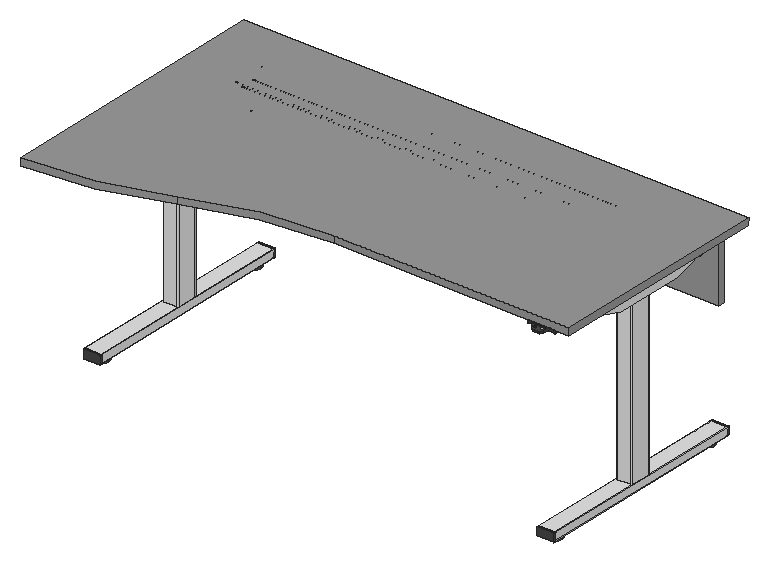
Revit family "Wave Desk - LH", category Furniture, Revit 2016
Family settings
  OmniClass Number = 23.40.20.00
  OmniClass Title = General Furniture and Specialties
  Work Plane-Based = No
  Always vertical = Yes
  Cut with Voids When Loaded = No
  Shared = No
  Room Calculation Point = No
Parameters (values of type "1800 x 800 x 1000 with Modesty Panel & Cable Tray")
  Width = 1800 mm
  URL = "www.gof.co.uk"
  Type Comments = ""
  Range = "RISE LT"
  Product Code = "HDLWL18"
  Modesty Panel Visible = yes
  Modesty Panel = "BTCPW18"
  HeightControl [instance] = if(Height < 720 mm, 720 mm, (if(Height > 1200 mm, 1200 mm, Height)))  # 727 mm
  Height [instance] = 727 mm
  Desktop = Gresham - Midnight Ash
  Model = ""
  Manufacturer = "Gresham Office Furniture"  # constant formula
  Frame = Gresham - Silver Metal
  Foot = Gresham - Black Plastic
  Cable Tray Visible = yes
  Cable Tray = "MECT18"
  Assembly Code = "E2020200"
Reference planes
  plane 1 "Center (Front/Back)": y = 0
  plane 2: z = 0
  plane 3 "Center (Left/Right)": x = 0
  plane 4: x = -900
  plane 5: x = 900
  plane 6 "Desktop Underside": z = 702
  plane 7: y = 400
  plane 8: y = -600
  plane 9 "Foot": z = 15
  plane 10: z = 727
  plane 11: x = 595.86
  plane 12: x = -595.86
  plane 13 "Control": x = 850
  plane 14: y = -400
  plane 15: x = -420
  plane 16: x = 60
Forms (mm)
  Extrusion 1, solid, material "Gresham - Midnight Ash" <- "Desktop"
    sketch origin (0, 0, 702) x (-1, 0, 0) y (0, -1, 0)
      loop
        line (-900, 400) -> (-900, -400) -> (900, -400) -> (900, 600)
        arc (900, 600) -> (654.838, 574.777) -> (420, 500) r 1200
        arc (420, 500) -> (185.162, 425.223) -> (-60, 400) r 1200
        line (-60, 400) -> (-900, 400)
    from 0 to 25
  Extrusion 2, solid
    sketch origin (4.14, -302, 0) x (0, 1, 0) y (0, 0, 1)
      loop
        arc (344.5, 657) -> (346.621, 657.879) -> (347.5, 660) r 3
        line (347.5, 660) -> (347.5, 699)
        arc (347.5, 699) -> (346.621, 701.121) -> (344.5, 702) r 3
        line (344.5, 702) -> (307, 702) -> (307, 700) -> (344.5, 700)
        arc (344.5, 700) -> (345.207, 699.707) -> (345.5, 699) r 1
        line (345.5, 699) -> (345.5, 660)
        arc (345.5, 660) -> (345.207, 659.293) -> (344.5, 659) r 1
        line (344.5, 659) -> (310, 659)
        arc (310, 659) -> (309.293, 659.293) -> (309, 660) r 1
        line (309, 660) -> (309, 667) -> (307, 667) -> (307, 660)
        arc (307, 660) -> (307.879, 657.879) -> (310, 657) r 3
        line (310, 657) -> (344.5, 657)
    from -600 to 591.72
Dimensions and locks
  equal spacing: plane 4, plane 3 "Center (Left/Right)", plane 5
  "Width": plane 4 to plane 5
  locked: plane 7 to plane 8 at 1000
  locked: plane 2 to plane 9 "Foot" at 15
  "HeightControl": plane 10 to level
  plane 10 to plane 6 "Desktop Underside" = 25 mm
  locked: nested 1 to plane 5 at 60
  locked: plane 7 to nested 1 at 12
  locked: nested 2 to plane 4 at 60
  locked: Extrusion 2 sketch curve to Extrusion 2 sketch curve at 41
  locked: plane 7 to nested 2 at 12
  locked: plane 11 to plane 5 at 304.14
  locked: plane 4 to plane 12 at 304.14
  locked: plane 13 "Control" to plane 5 at 50
  locked: plane 7 to plane 14 at 800
  equal spacing: plane 7, plane 1 "Center (Front/Back)", plane 14
  locked: plane 4 to plane 15 at 480
  locked: plane 15 to plane 16 at 480
  locked: plane 4 to nested 4 at 87
  locked: plane 4 to nested 5 at 100
  locked: plane 7 to nested 5 at 53.5
  locked: plane 6 "Desktop Underside" to nested 5 at 61.5
  radius of Extrusion 1 sketch curve = 1200 mm  (x2)
  aligned and locked: level to plane 2
  aligned and locked: plane 10 to Extrusion 1
  aligned and locked: plane 11 to Extrusion 2
  aligned and locked: plane 12 to Extrusion 2
  aligned and locked: nested 3 to plane 13 "Control"
  aligned and locked: plane 6 "Desktop Underside" to nested 3
  aligned and locked: nested 3 to plane 14
  aligned and locked: plane 8 to Extrusion 1 sketch curve
  aligned and locked: plane 15 to Extrusion 1 sketch curve  (x2)
  aligned and locked: plane 16 to Extrusion 1 sketch curve
  aligned and locked: plane 6 "Desktop Underside" to nested 4
Automatic sketch dimensions
  Extrusion 2 sketch curve to Extrusion 2 sketch curve = 0 mm  (x7)
  Extrusion 2 sketch curve to plane 6 "Desktop Underside" = 0 mm
  Extrusion 2 sketch curve to plane 1 "Center (Front/Back)" = 5 mm
  Extrusion 2 sketch curve to plane 6 "Desktop Underside" = 2 mm
  Extrusion 2 sketch curve to Extrusion 2 sketch curve = 1 mm  (x2)
  Extrusion 2 sketch curve to Extrusion 2 sketch curve = 37.5 mm
  Extrusion 2 sketch curve to Extrusion 2 sketch curve = 34.5 mm
  Extrusion 2 sketch curve to Extrusion 2 sketch curve = 7 mm
  Extrusion 1 sketch curve to plane 5 = 0 mm
  Extrusion 1 sketch curve to plane 14 = 0 mm
  Extrusion 1 sketch curve to plane 4 = 0 mm
  Extrusion 1 sketch curve to plane 7 = 0 mm
Nested families
  nested 1: "Rise LT Leg" at (5, -202, 0), Height <- "HeightControl", type "Rise LT Leg"
    with HeightControl 727 mm, Height 727 mm
  nested 2: "Rise LT Leg" at (-5, -202, 0) x (-1, 0, 0) z (0, 0, 1), Height <- "HeightControl", type "Rise LT Leg"
    with HeightControl 727 mm, Height 727 mm
  nested 3: "Controls" at (800, -367.5, 690), type "Controls"
  nested 4: "Modesty Panel" at (0, 0, 0), type "Modesty Panel"
    with HeightControl 727 mm, Height 727 mm
  nested 5: "Cable Tray" at (0, 0, 0), Height <- "Height", type "Cable Tray"
    with HeightControl 727 mm, Height 727 mm
Definition of nested family "Rise LT Leg"
  Parameters (values of type "Rise LT Leg")
    Width = 1800 mm
    URL = "www.gof.co.uk"
    Type Comments = ""
    Range = "RISE LT"
    Product Code = ""
    Model = ""
    Manufacturer = "Gresham Office Furniture"  # constant formula
    HeightControl [instance] = if(Height < 720 mm, 720 mm, (if(Height > 1200 mm, 1200 mm, Height)))  # 727 mm
    Height [instance] = 727 mm
    Frame = none
    Foot = none
    Bung = none
    Assembly Code = "E2020200"
  Reference planes
    plane 1 "Center (Front/Back)": y = 200
    plane 2: z = 0
    plane 3 "Center (Left/Right)": x = 0
    plane 4: x = -900
    plane 5: x = 900
    plane 6 "Desktop": z = 727
    plane 7: y = 600
    plane 8: y = -200
    plane 9 "Foot": z = 15
    plane 10 "Desktop Underside": z = 702
    plane 11 "Max Height": z = 1200
    plane 12 "Max Desktop Underside": z = 1175
  Forms (mm)
    Extrusion 1, solid, material <- "Frame"
      sketch origin (0, 0, 727) x (-1, 0, 0) y (0, -1, 0)
        loop
          line (-827.511, -240) -> (-782.511, -240)
          arc (-782.511, -240) -> (-778.976, -238.536) -> (-777.511, -235) r 5
          line (-777.511, -235) -> (-777.511, -165)
          arc (-777.511, -165) -> (-778.976, -161.464) -> (-782.511, -160) r 5
          line (-782.511, -160) -> (-827.511, -160)
          arc (-827.511, -160) -> (-831.047, -161.464) -> (-832.511, -165) r 5
          line (-832.511, -165) -> (-832.511, -235)
          arc (-832.511, -235) -> (-831.047, -238.536) -> (-827.511, -240) r 5
      from -682 to -82
    Extrusion 2, solid, material <- "Frame"
      sketch origin (0, 200, 0) x (1, 0, 0) y (0, 0, 1)
        loop
          line (833, 45) -> (777, 45)
          arc (777, 45) -> (775.586, 44.414) -> (775, 43) r 2
          line (775, 43) -> (775, 17)
          arc (775, 17) -> (775.586, 15.586) -> (777, 15) r 2
          line (777, 15) -> (833, 15)
          arc (833, 15) -> (834.414, 15.586) -> (835, 17) r 2
          line (835, 17) -> (835, 43)
          arc (835, 43) -> (834.414, 44.414) -> (833, 45) r 2
      from -385 to 385
    Extrusion 3, solid, material <- "Frame"
      sketch origin (0, 200, 70) x (1, 0, 0) y (0, 0, 1)
        loop
          line (842.511, 632) -> (590.86, 632) -> (590.86, 617)
          arc (590.86, 617) -> (599.647, 595.787) -> (620.86, 587) r 30
          line (620.86, 587) -> (842.511, 587) -> (842.511, 632)
      from -47.5 to 47.5
    Extrusion 4, solid, material <- "Frame"
      sketch origin (0, 200, 70) x (1, 0, 0) y (0, 0, 1)
        loop
          line (842.511, 632) -> (842.511, 622) -> (844.511, 622) -> (844.511, 630.159) -> (860.511, 630.159) -> (860.511, 579) -> (843.693, 579) -> (843.693, 582.43) -> (841.693, 582.43) -> (841.693, 577) -> (862.511, 577) -> (862.511, 632) -> (842.511, 632)
      from -275 to 275
    Extrusion 5, void
      sketch origin (870.011, 200, 1175) x (0, 0, 1) y (0, 1, 0)
        loop
          line (-528, 0) -> (-528, 125) -> (-483, 275) -> (-473, 275) -> (-473, 333.867) -> (-576.413, 333.867) -> (-576.413, 0) -> (-576.413, -333.867) -> (-473, -333.867) -> (-473, -275) -> (-483, -275) -> (-528, -125) -> (-528, 0)
      from -29.989 to 70.011
    Extrusion 6, solid, material <- "Frame"
      sketch origin (0, 0, 727) x (-1, 0, 0) y (0, -1, 0)
        loop
          line (-827.511, -238) -> (-782.511, -238)
          arc (-782.511, -238) -> (-780.39, -237.121) -> (-779.511, -235) r 3
          line (-779.511, -235) -> (-779.511, -165)
          arc (-779.511, -165) -> (-780.39, -162.879) -> (-782.511, -162) r 3
          line (-782.511, -162) -> (-827.511, -162)
          arc (-827.511, -162) -> (-829.633, -162.879) -> (-830.511, -165) r 3
          line (-830.511, -165) -> (-830.511, -235)
          arc (-830.511, -235) -> (-829.633, -237.121) -> (-827.511, -238) r 3
      from -82 to -70
    Revolve 7, solid, material <- "Foot"
      sketch origin (0, 540, 0) x (1, 0, 0) y (0, 0, 1)
        loop
          line (804.324, 0) -> (824.324, 0) -> (814.324, 15) -> (804.324, 15) -> (804.324, 0)
        axis (804.324, 15) -> (804.324, 0)
      angle from 0 to 360
    Revolve 8, solid, material <- "Foot"
      sketch origin (0, -140, 0) x (1, 0, 0) y (0, 0, -1)
        loop
          line (804.324, 0) -> (804.324, -15) -> (814.324, -15) -> (824.324, 0) -> (804.324, 0)
        axis (804.324, -15) -> (804.324, 0)
      angle from 0 to 360
    Extrusion 9, solid, material <- "Bung"
      sketch origin (0, 201.489, 0) x (1, 0, 0) y (0, 0, 1)
        loop
          line (833, 45) -> (777, 45)
          arc (777, 45) -> (775.586, 44.414) -> (775, 43) r 2
          line (775, 43) -> (775, 17)
          arc (775, 17) -> (775.586, 15.586) -> (777, 15) r 2
          line (777, 15) -> (833, 15)
          arc (833, 15) -> (834.414, 15.586) -> (835, 17) r 2
          line (835, 17) -> (835, 43)
          arc (835, 43) -> (834.414, 44.414) -> (833, 45) r 2
      from 386.489 to 391.489
    Extrusion 10, solid, material <- "Bung"
      sketch origin (0, 198.511, 0) x (1, 0, 0) y (0, 0, -1)
        loop
          arc (833, -45) -> (834.414, -44.414) -> (835, -43) r 2
          line (835, -43) -> (835, -17)
          arc (835, -17) -> (834.414, -15.586) -> (833, -15) r 2
          line (833, -15) -> (777, -15)
          arc (777, -15) -> (775.586, -15.586) -> (775, -17) r 2
          line (775, -17) -> (775, -43)
          arc (775, -43) -> (775.586, -44.414) -> (777, -45) r 2
          line (777, -45) -> (833, -45)
      from 386.489 to 391.489
  Cuts and joins
    Extrusion 5 cuts Extrusion 4
  Dimensions and locks
    equal spacing: plane 4, plane 3 "Center (Left/Right)", plane 5
    "Width": plane 4 to plane 5
    equal spacing: plane 7, plane 1 "Center (Front/Back)", plane 8
    locked: plane 7 to plane 8 at 800
    locked: plane 9 "Foot" to level at 15
    locked: plane 6 "Desktop" to plane 10 "Desktop Underside" at 25
    locked: plane 5 to Extrusion 2 at 65
    Extrusion 3 to Extrusion 3 = 95 mm
    plane 1 "Center (Front/Back)" to Extrusion 4 = 275 mm
    equal spacing: Extrusion 4, plane 1 "Center (Front/Back)", Extrusion 4
    plane 11 "Max Height" to level = 1200 mm
    locked: Extrusion 3 sketch curve to Extrusion 3 sketch curve at 45
    locked: Extrusion 5 sketch curve to Extrusion 5 sketch curve at 103.413
    "HeightControl": plane 6 "Desktop" to level
    locked: Extrusion 1 to level at 645
    locked: Extrusion 2 to Extrusion 2 at 30
    Extrusion 2 to Revolve 7 = 45 mm
    locked: Extrusion 9 to Extrusion 9 at 5
    locked: Extrusion 5 to plane 5 at 100
    locked: Extrusion 10 to Extrusion 10 at 5
    plane 9 "Foot" to level = 15 mm
    Revolve 8 to Extrusion 9 = 45 mm
    locked: Extrusion 3 to plane 5 at 309.14
    aligned and locked: level to plane 2
    aligned and locked: Extrusion 6 to Extrusion 3
    aligned and locked: Extrusion 6 to Extrusion 1
    aligned and locked: Extrusion 2 to plane 9 "Foot"
    aligned and locked: Extrusion 1 to Extrusion 2
    aligned and locked: Extrusion 2 to Extrusion 9
    aligned and locked: Extrusion 5 to plane 5
    aligned and locked: Extrusion 2 to Extrusion 10
  Automatic sketch dimensions
    plane 1 "Center (Front/Back)" to Extrusion 1 sketch curve = 35 mm
    plane 5 to Extrusion 1 sketch curve = 67.489 mm
    Extrusion 1 sketch curve to Extrusion 1 sketch curve = 5 mm  (x3)
    Extrusion 1 sketch curve to Extrusion 1 sketch curve = 45 mm  (x2)
    Extrusion 1 sketch curve to plane 1 "Center (Front/Back)" = 35 mm
    Extrusion 2 sketch curve to plane 9 "Foot" = 0 mm
    plane 9 "Foot" to Extrusion 2 sketch curve = 2 mm  (x2)
    plane 5 to Extrusion 2 sketch curve = 125 mm
    Extrusion 2 sketch curve to Extrusion 2 sketch curve = 2 mm
    Extrusion 2 sketch curve to Extrusion 2 sketch curve = 56 mm
    Extrusion 2 sketch curve to Extrusion 2 sketch curve = 0 mm
    Extrusion 2 sketch curve to Extrusion 2 sketch curve = 26 mm
    Extrusion 3 sketch curve to plane 10 "Desktop Underside" = 0 mm
    plane 3 "Center (Left/Right)" to Extrusion 3 sketch curve = 590.86 mm
    Extrusion 3 sketch curve to Extrusion 3 sketch curve = 30 mm
    plane 5 to Extrusion 3 sketch curve = 57.489 mm
    Extrusion 4 sketch curve to plane 10 "Desktop Underside" = 0 mm
    plane 5 to Extrusion 4 sketch curve = 58.307 mm
    Extrusion 4 sketch curve to plane 10 "Desktop Underside" = 10 mm
    Extrusion 4 sketch curve to Extrusion 4 sketch curve = 0.819 mm
    Extrusion 4 sketch curve to Extrusion 4 sketch curve = 2 mm  (x4)
    Extrusion 4 sketch curve to plane 10 "Desktop Underside" = 1.841 mm
    Extrusion 4 sketch curve to Extrusion 4 sketch curve = 16 mm
    Extrusion 4 sketch curve to Extrusion 4 sketch curve = 39.57 mm
    Extrusion 4 sketch curve to Extrusion 4 sketch curve = 3.43 mm
    Extrusion 5 sketch curve to plane 1 "Center (Front/Back)" = 0 mm  (x2)
    Extrusion 5 sketch curve to plane 10 "Desktop Underside" = 0 mm  (x2)
    Extrusion 5 sketch curve to plane 10 "Desktop Underside" = 55 mm
    Extrusion 5 sketch curve to plane 10 "Desktop Underside" = 10 mm  (x2)
    Extrusion 5 sketch curve to Extrusion 5 sketch curve = 125 mm
    plane 8 to Extrusion 5 sketch curve = 125 mm
    Extrusion 5 sketch curve to Extrusion 5 sketch curve = 58.867 mm
    Extrusion 5 sketch curve to plane 1 "Center (Front/Back)" = 125 mm
    Extrusion 5 sketch curve to plane 7 = 125 mm
    Extrusion 5 sketch curve to plane 7 = 66.133 mm
    plane 1 "Center (Front/Back)" to Extrusion 6 sketch curve = 35 mm
    plane 5 to Extrusion 6 sketch curve = 69.489 mm
    Extrusion 6 sketch curve to Extrusion 6 sketch curve = 3 mm  (x3)
    Extrusion 6 sketch curve to Extrusion 6 sketch curve = 45 mm  (x2)
    Extrusion 6 sketch curve to plane 1 "Center (Front/Back)" = 35 mm
    Revolve 7 sketch curve to level = 0 mm
    Revolve 7 sketch curve to plane 9 "Foot" = 0 mm  (x2)
    plane 5 to Revolve 7 sketch curve = 95.676 mm
    Revolve 7 sketch curve to Revolve 7 sketch curve = 10 mm  (x2)
    Revolve 7 sketch curve to Revolve 7 sketch curve = 0 mm
    Revolve 7 sketch curve to Revolve 7 sketch curve = 11.548 mm
    Revolve 8 sketch curve to level = 0 mm
    Revolve 8 sketch curve to plane 9 "Foot" = 0 mm  (x2)
    plane 5 to Revolve 8 sketch curve = 95.676 mm
    Revolve 8 sketch curve to Revolve 8 sketch curve = 10 mm  (x2)
    Revolve 8 sketch curve to Revolve 8 sketch curve = 0 mm
    Revolve 8 sketch curve to Revolve 8 sketch curve = 11.548 mm
    Extrusion 9 sketch curve to plane 9 "Foot" = 0 mm
    plane 9 "Foot" to Extrusion 9 sketch curve = 28 mm
    plane 5 to Extrusion 9 sketch curve = 125 mm
    Extrusion 9 sketch curve to Extrusion 9 sketch curve = 2 mm  (x3)
    Extrusion 9 sketch curve to Extrusion 9 sketch curve = 56 mm
    Extrusion 9 sketch curve to Extrusion 9 sketch curve = 0 mm
    Extrusion 10 sketch curve to plane 9 "Foot" = 0 mm
    plane 9 "Foot" to Extrusion 10 sketch curve = 28 mm
    plane 5 to Extrusion 10 sketch curve = 125 mm
    Extrusion 10 sketch curve to Extrusion 10 sketch curve = 2 mm  (x3)
    Extrusion 10 sketch curve to Extrusion 10 sketch curve = 56 mm
    Extrusion 10 sketch curve to Extrusion 10 sketch curve = 0 mm
Definition of nested family "Controls"
  Parameters (values of type "Controls")
    URL = "www.gof.co.uk"
    Rubber Keys = none
    Range = "RANGE LT"
    Product Code = "Controls"
    Plastic Case = none
    Manufacturer = "Gresham Office Furniture"  # constant formula
  Reference planes
    plane 1 "Center (Front/Back)": y = 0
    plane 2: z = 0
    plane 3 "Center (Left/Right)": x = 0
  Forms (mm)
    Extrusion 1, solid, material <- "Plastic Case"
      sketch origin (0, 0, 0) x (1, 0, 0) y (0, 1, 0)
        loop
          arc (-45, 32.5) -> (-48.536, 31.036) -> (-50, 27.5) r 5
          line (-50, 27.5) -> (-50, -27.5)
          arc (-50, -27.5) -> (-48.536, -31.036) -> (-45, -32.5) r 5
          line (-45, -32.5) -> (45, -32.5)
          arc (45, -32.5) -> (48.536, -31.036) -> (50, -27.5) r 5
          line (50, -27.5) -> (50, 27.5)
          arc (50, 27.5) -> (48.536, 31.036) -> (45, 32.5) r 5
          line (45, 32.5) -> (-45, 32.5)
      from 0 to 12
    Sweep 2, solid, material <- "Plastic Case"
      path origin (0, 0, 2) x (0, 1, 0) y (0, 0, 1)
        loop
          line (-32.5, 6) -> (-36.392, 6)
          arc (-36.392, 6) -> (-37.474, 5.881) -> (-38.505, 5.532) r 5
          line (-38.505, 5.532) -> (-55.626, -2.452)
      profile origin (0, -34.446, 8) x (0, 0, -1) y (1, 0, 0)
        loop
          line (-4, 30) -> (-4, -30) -> (4, -30) -> (4, 30) -> (-4, 30)
    Extrusion 3, void
      sketch origin (-30, -40.195, 11.157) x (0, -0.906308, -0.422618) y (1, 0, 0)
        loop
          line (18.892, 75) -> (-7.33, 75) -> (-7.33, 60) -> (10.178, 50.091)
          arc (10.178, 50.091) -> (14.833, 46.912) -> (18.892, 43) r 33.579
          line (18.892, 43) -> (18.892, 75)
      from -13.674 to 7.77
    Extrusion 4, void
      sketch origin (30, -40.195, 11.157) x (0, -0.906308, -0.422618) y (1, 0, 0)
        loop
          line (18.892, -75) -> (18.892, -43)
          arc (18.892, -43) -> (14.833, -46.912) -> (10.178, -50.091) r 33.579
          line (10.178, -50.091) -> (-7.33, -60) -> (-7.33, -75) -> (18.892, -75)
      from -13.674 to 7.77
    Extrusion 5, solid, material <- "Rubber Keys"
      sketch origin (-30, -40.195, 11.157) x (0, -0.906308, -0.422618) y (1, 0, 0)
        loop
          line (0.281, 19.363) -> (8.531, 14.6) -> (8.531, 24.126) -> (0.281, 19.363)
        loop
          line (0.656, 35.874) -> (8.906, 40.637) -> (0.656, 45.4) -> (0.656, 35.874)
      from 0 to 1.5
  Cuts and joins
    Extrusion 3, Extrusion 4 cuts Sweep 2
  Dimensions and locks
    aligned and locked: level to plane 2
Definition of nested family "Modesty Panel"
  Parameters (values of type "Modesty Panel")
    Width = 1800 mm
    URL = "www.gof.co.uk"
    Type Comments = ""
    Range = "RISE LT"
    Product Code = ""
    Modesty Panel Visible = yes
    Modesty Panel = none
    HeightControl [instance] = if(Height < 720 mm, 720 mm, (if(Height > 1200 mm, 1200 mm, Height)))  # 727 mm
    Height [instance] = 727 mm
    Desktop = none
    Model = ""
    Manufacturer = "Gresham Office Furniture"  # constant formula
    Frame = none
    Foot = none
    Assembly Code = "E2020200"
  Reference planes
    plane 1 "Center (Front/Back)": y = 0
    plane 2: z = 0
    plane 3 "Center (Left/Right)": x = 0
    plane 4: x = -900
    plane 5: x = 900
    plane 6 "Desktop Underside": z = 702
    plane 7: y = 400
    plane 8: y = -400
    plane 9 "Foot": z = 15
    plane 10: z = 727
    plane 11 "Modesty Panel": x = -593
    plane 12: x = 593
    plane 13: z = 425
    plane 14: z = 677
    plane 15: y = 375
    plane 16: x = 568
    plane 17: x = -568
    plane 18: x = -813
    plane 19: x = 813
  Forms (mm)
    Extrusion 1, solid, material <- "Frame", visible <- "Modesty Panel Visible"
      sketch origin (-593, 43.228, 0) x (0, 1, 0) y (0, 0, 1)
        loop
          line (161.772, 702) -> (161.772, 677) -> (306.772, 677) -> (306.772, 432) -> (331.772, 432) -> (331.772, 702) -> (161.772, 702)
      from 0 to 25
    Extrusion 2, solid, material <- "Frame", visible <- "Modesty Panel Visible"
      sketch origin (593, 43.228, 0) x (0, 1, 0) y (0, 0, -1)
        loop
          line (161.772, -702) -> (331.772, -702) -> (331.772, -432) -> (306.772, -432) -> (306.772, -677) -> (161.772, -677) -> (161.772, -702)
      from 0 to 25
    Extrusion 3, solid, material <- "Modesty Panel", visible <- "Modesty Panel Visible"
      sketch origin (0, 0, 0) x (0, 1, 0) y (0, 0, 1)
        loop
          line (375, 677) -> (375, 425) -> (400, 425) -> (400, 677) -> (375, 677)
      from -813 to 813
  Dimensions and locks
    equal spacing: plane 4, plane 3 "Center (Left/Right)", plane 5
    "Width": plane 4 to plane 5
    equal spacing: plane 7, plane 1 "Center (Front/Back)", plane 8
    locked: plane 7 to plane 8 at 800
    locked: plane 2 to plane 9 "Foot" at 15
    "HeightControl": plane 10 to level
    locked: plane 10 to plane 6 "Desktop Underside" at 25
    locked: Extrusion 1 sketch curve to Extrusion 1 sketch curve at 170
    locked: Extrusion 1 sketch curve to Extrusion 1 sketch curve at 25  (x2)
    locked: Extrusion 1 sketch curve to Extrusion 1 sketch curve at 270
    locked: Extrusion 1 to Extrusion 1 at 25
    locked: plane 7 to Extrusion 1 at 25
    locked: plane 11 "Modesty Panel" to plane 4 at 307
    locked: plane 12 to plane 5 at 307
    locked: Extrusion 2 sketch curve to Extrusion 2 sketch curve at 170
    locked: Extrusion 2 sketch curve to Extrusion 2 sketch curve at 25  (x2)
    locked: Extrusion 2 sketch curve to Extrusion 2 sketch curve at 270
    locked: Extrusion 2 to Extrusion 2 at 25
    locked: Extrusion 1 to plane 13 at 7
    locked: plane 6 "Desktop Underside" to plane 14 at 25
    locked: plane 7 to plane 15 at 25
    locked: plane 16 to plane 12 at 25
    locked: plane 17 to plane 11 "Modesty Panel" at 25
    locked: plane 13 to plane 14 at 252
    locked: plane 4 to plane 18 at 87
    locked: plane 19 to plane 5 at 87
    aligned and locked: level to plane 2
    aligned and locked: plane 6 "Desktop Underside" to Extrusion 1
    aligned and locked: Extrusion 1 to plane 11 "Modesty Panel"
    aligned and locked: Extrusion 2 to plane 12
    aligned and locked: Extrusion 3 to plane 14
    aligned and locked: Extrusion 3 to plane 13
    aligned and locked: Extrusion 3 to plane 18
    aligned and locked: Extrusion 3 to plane 19
  Automatic sketch dimensions
    Extrusion 1 sketch curve to plane 6 "Desktop Underside" = 0 mm
    Extrusion 1 sketch curve to plane 7 = 195 mm
    Extrusion 2 sketch curve to plane 6 "Desktop Underside" = 0 mm
    Extrusion 2 sketch curve to plane 7 = 195 mm
    Extrusion 3 sketch curve to plane 13 = 0 mm
    Extrusion 3 sketch curve to plane 15 = 0 mm
    Extrusion 3 sketch curve to plane 7 = 0 mm
    plane 14 to Extrusion 3 sketch curve = 0 mm
Definition of nested family "Cable Tray"
  Parameters (values of type "Cable Tray")
    Width = 1800 mm
    URL = "www.gof.co.uk"
    Type Comments = ""
    Range = "RISE LT"
    Product Code = ""
    Modesty Panel = none
    HeightControl [instance] = if(Height < 720 mm, 720 mm, (if(Height > 1200 mm, 1200 mm, Height)))  # 727 mm
    Height [instance] = 727 mm
    Desktop = none
    Model = ""
    Manufacturer = "Gresham Office Furniture"  # constant formula
    Frame = none
    Foot = none
    Cable Tray Clips = none
    Cable Tray = yes
    Assembly Code = "E2020200"
  Reference planes
    plane 1 "Center (Front/Back)": y = 0
    plane 2: z = 0
    plane 3 "Center (Left/Right)": x = 0
    plane 4: x = -900
    plane 5: x = 900
    plane 6 "Desktop Underside": z = 702
    plane 7: y = 400
    plane 8: y = -400
    plane 9 "Foot": z = 15
    plane 10: z = 727
    plane 11 "Cable Tray Left": x = -800
    plane 12 "Cable Tray Right": x = 800
  Forms (mm)
    Extrusion 1, solid, material <- "Frame", visible <- "Cable Tray"
      sketch origin (0, 12.089, -4.885) x (0, 1, 0) y (0, 0, 1)
        loop
          circle (301.911, 615.385) r 1.5
        loop
          circle (251.911, 615.385) r 1.5
        loop
          circle (220.911, 645.385) r 1.5
        loop
          circle (332.911, 645.385) r 1.5
      from -800 to 800
    Sweep 2, solid, material <- "Frame", visible <- "Cable Tray"
      path in 3D
        loop
          line (0, 341.76, 640.5) -> (0, 333.661, 615.573)
          arc (0, 333.661, 615.573) -> (0, 332.571, 614.073) -> (0, 330.808, 613.5) r 3
          line (0, 330.808, 613.5) -> (0, 247.192, 613.5)
          arc (0, 247.192, 613.5) -> (0, 245.429, 614.073) -> (0, 244.339, 615.573) r 3
          line (0, 244.339, 615.573) -> (0, 236.24, 640.5)
      profile origin (0, 289, 613.5) x (0, 0, 1) y (-1, 0, 0)
        loop
          circle (0, 0) r 1.5
    Sweep 3, solid, material <- "Frame", visible <- "Cable Tray", not visible
      path in 3D
        loop
          line (0, 329.671, 645.385) -> (0, 321.572, 620.458)
          arc (0, 321.572, 620.458) -> (0, 320.482, 618.958) -> (0, 318.719, 618.385) r 3
          line (0, 318.719, 618.385) -> (0, 235.103, 618.385)
          arc (0, 235.103, 618.385) -> (0, 233.34, 618.958) -> (0, 232.25, 620.458) r 3
          line (0, 232.25, 620.458) -> (0, 224.151, 645.385)
      profile origin (0, 276.911, 618.385) x (0, 0, 1) y (-1, 0, 0)
        loop
          circle (0, 0) r 1.5
    Sweep 4, solid, material <- "Frame", visible <- "Cable Tray"
      path in 3D
        loop
          line (800, 342.073, 640.5) -> (800, 333.974, 615.573)
          arc (800, 333.974, 615.573) -> (800, 332.884, 614.073) -> (800, 331.121, 613.5) r 3
          line (800, 331.121, 613.5) -> (800, 247.505, 613.5)
          arc (800, 247.505, 613.5) -> (800, 245.742, 614.073) -> (800, 244.652, 615.573) r 3
          line (800, 244.652, 615.573) -> (800, 236.553, 640.5)
      profile origin (800, 289.313, 613.5) x (0, 0, 1) y (-1, 0, 0)
        loop
          circle (0, 0) r 1.5
    Sweep 5, solid, material <- "Frame", visible <- "Cable Tray"
      path in 3D
        loop
          line (-800, 342.073, 640.5) -> (-800, 333.974, 615.573)
          arc (-800, 333.974, 615.573) -> (-800, 332.884, 614.073) -> (-800, 331.121, 613.5) r 3
          line (-800, 331.121, 613.5) -> (-800, 247.505, 613.5)
          arc (-800, 247.505, 613.5) -> (-800, 245.742, 614.073) -> (-800, 244.652, 615.573) r 3
          line (-800, 244.652, 615.573) -> (-800, 236.553, 640.5)
      profile origin (-800, 289.313, 613.5) x (0, 0, 1) y (-1, 0, 0)
        loop
          circle (0, 0) r 1.5
    Sweep 6, solid, material <- "Frame", visible <- "Cable Tray"
      path in 3D
        loop
          line (100, 341.76, 640.5) -> (100, 333.661, 615.573)
          arc (100, 333.661, 615.573) -> (100, 332.571, 614.073) -> (100, 330.808, 613.5) r 3
          line (100, 330.808, 613.5) -> (100, 247.192, 613.5)
          arc (100, 247.192, 613.5) -> (100, 245.429, 614.073) -> (100, 244.339, 615.573) r 3
          line (100, 244.339, 615.573) -> (100, 236.24, 640.5)
      profile origin (100, 289, 613.5) x (0, 0, 1) y (-1, 0, 0)
        loop
          circle (0, 0) r 1.5
    Sweep 7, solid, material <- "Frame", visible <- "Cable Tray"
      path in 3D
        loop
          line (300, 341.76, 640.5) -> (300, 333.661, 615.573)
          arc (300, 333.661, 615.573) -> (300, 332.571, 614.073) -> (300, 330.808, 613.5) r 3
          line (300, 330.808, 613.5) -> (300, 247.192, 613.5)
          arc (300, 247.192, 613.5) -> (300, 245.429, 614.073) -> (300, 244.339, 615.573) r 3
          line (300, 244.339, 615.573) -> (300, 236.24, 640.5)
      profile origin (300, 289, 613.5) x (0, 0, 1) y (-1, 0, 0)
        loop
          circle (0, 0) r 1.5
    Sweep 8, solid, material <- "Frame", visible <- "Cable Tray"
      path in 3D
        loop
          line (400, 341.76, 640.5) -> (400, 333.661, 615.573)
          arc (400, 333.661, 615.573) -> (400, 332.571, 614.073) -> (400, 330.808, 613.5) r 3
          line (400, 330.808, 613.5) -> (400, 247.192, 613.5)
          arc (400, 247.192, 613.5) -> (400, 245.429, 614.073) -> (400, 244.339, 615.573) r 3
          line (400, 244.339, 615.573) -> (400, 236.24, 640.5)
      profile origin (400, 289, 613.5) x (0, 0, 1) y (-1, 0, 0)
        loop
          circle (0, 0) r 1.5
    Sweep 9, solid, material <- "Frame", visible <- "Cable Tray"
      path in 3D
        loop
          line (500, 341.76, 640.5) -> (500, 333.661, 615.573)
          arc (500, 333.661, 615.573) -> (500, 332.571, 614.073) -> (500, 330.808, 613.5) r 3
          line (500, 330.808, 613.5) -> (500, 247.192, 613.5)
          arc (500, 247.192, 613.5) -> (500, 245.429, 614.073) -> (500, 244.339, 615.573) r 3
          line (500, 244.339, 615.573) -> (500, 236.24, 640.5)
      profile origin (500, 289, 613.5) x (0, 0, 1) y (-1, 0, 0)
        loop
          circle (0, 0) r 1.5
    Sweep 10, solid, material <- "Frame", visible <- "Cable Tray"
      path in 3D
        loop
          line (600, 341.76, 640.5) -> (600, 333.661, 615.573)
          arc (600, 333.661, 615.573) -> (600, 332.571, 614.073) -> (600, 330.808, 613.5) r 3
          line (600, 330.808, 613.5) -> (600, 247.192, 613.5)
          arc (600, 247.192, 613.5) -> (600, 245.429, 614.073) -> (600, 244.339, 615.573) r 3
          line (600, 244.339, 615.573) -> (600, 236.24, 640.5)
      profile origin (600, 289, 613.5) x (0, 0, 1) y (-1, 0, 0)
        loop
          circle (0, 0) r 1.5
    Sweep 11, solid, material <- "Frame", visible <- "Cable Tray"
      path in 3D
        loop
          line (700, 341.76, 640.5) -> (700, 333.661, 615.573)
          arc (700, 333.661, 615.573) -> (700, 332.571, 614.073) -> (700, 330.808, 613.5) r 3
          line (700, 330.808, 613.5) -> (700, 247.192, 613.5)
          arc (700, 247.192, 613.5) -> (700, 245.429, 614.073) -> (700, 244.339, 615.573) r 3
          line (700, 244.339, 615.573) -> (700, 236.24, 640.5)
      profile origin (700, 289, 613.5) x (0, 0, 1) y (-1, 0, 0)
        loop
          circle (0, 0) r 1.5
    Sweep 12, solid, material <- "Frame", visible <- "Cable Tray"
      path in 3D
        loop
          line (200, 341.76, 640.5) -> (200, 333.661, 615.573)
          arc (200, 333.661, 615.573) -> (200, 332.571, 614.073) -> (200, 330.808, 613.5) r 3
          line (200, 330.808, 613.5) -> (200, 247.192, 613.5)
          arc (200, 247.192, 613.5) -> (200, 245.429, 614.073) -> (200, 244.339, 615.573) r 3
          line (200, 244.339, 615.573) -> (200, 236.24, 640.5)
      profile origin (200, 289, 613.5) x (0, 0, 1) y (-1, 0, 0)
        loop
          circle (0, 0) r 1.5
    Sweep 13, solid, material <- "Frame", visible <- "Cable Tray"
      path in 3D
        loop
          line (-100, 341.76, 640.5) -> (-100, 333.661, 615.573)
          arc (-100, 333.661, 615.573) -> (-100, 332.571, 614.073) -> (-100, 330.808, 613.5) r 3
          line (-100, 330.808, 613.5) -> (-100, 247.192, 613.5)
          arc (-100, 247.192, 613.5) -> (-100, 245.429, 614.073) -> (-100, 244.339, 615.573) r 3
          line (-100, 244.339, 615.573) -> (-100, 236.24, 640.5)
      profile origin (-100, 289, 613.5) x (0, 0, 1) y (-1, 0, 0)
        loop
          circle (0, 0) r 1.5
    Sweep 14, solid, material <- "Frame", visible <- "Cable Tray"
      path in 3D
        loop
          line (-300, 341.76, 640.5) -> (-300, 333.661, 615.573)
          arc (-300, 333.661, 615.573) -> (-300, 332.571, 614.073) -> (-300, 330.808, 613.5) r 3
          line (-300, 330.808, 613.5) -> (-300, 247.192, 613.5)
          arc (-300, 247.192, 613.5) -> (-300, 245.429, 614.073) -> (-300, 244.339, 615.573) r 3
          line (-300, 244.339, 615.573) -> (-300, 236.24, 640.5)
      profile origin (-300, 289, 613.5) x (0, 0, 1) y (-1, 0, 0)
        loop
          circle (0, 0) r 1.5
    Sweep 15, solid, material <- "Frame", visible <- "Cable Tray"
      path in 3D
        loop
          line (-400, 341.76, 640.5) -> (-400, 333.661, 615.573)
          arc (-400, 333.661, 615.573) -> (-400, 332.571, 614.073) -> (-400, 330.808, 613.5) r 3
          line (-400, 330.808, 613.5) -> (-400, 247.192, 613.5)
          arc (-400, 247.192, 613.5) -> (-400, 245.429, 614.073) -> (-400, 244.339, 615.573) r 3
          line (-400, 244.339, 615.573) -> (-400, 236.24, 640.5)
      profile origin (-400, 289, 613.5) x (0, 0, 1) y (-1, 0, 0)
        loop
          circle (0, 0) r 1.5
    Sweep 16, solid, material <- "Frame", visible <- "Cable Tray"
      path in 3D
        loop
          line (-500, 341.76, 640.5) -> (-500, 333.661, 615.573)
          arc (-500, 333.661, 615.573) -> (-500, 332.571, 614.073) -> (-500, 330.808, 613.5) r 3
          line (-500, 330.808, 613.5) -> (-500, 247.192, 613.5)
          arc (-500, 247.192, 613.5) -> (-500, 245.429, 614.073) -> (-500, 244.339, 615.573) r 3
          line (-500, 244.339, 615.573) -> (-500, 236.24, 640.5)
      profile origin (-500, 289, 613.5) x (0, 0, 1) y (-1, 0, 0)
        loop
          circle (0, 0) r 1.5
    Sweep 17, solid, material <- "Frame", visible <- "Cable Tray"
      path in 3D
        loop
          line (-600, 341.76, 640.5) -> (-600, 333.661, 615.573)
          arc (-600, 333.661, 615.573) -> (-600, 332.571, 614.073) -> (-600, 330.808, 613.5) r 3
          line (-600, 330.808, 613.5) -> (-600, 247.192, 613.5)
          arc (-600, 247.192, 613.5) -> (-600, 245.429, 614.073) -> (-600, 244.339, 615.573) r 3
          line (-600, 244.339, 615.573) -> (-600, 236.24, 640.5)
      profile origin (-600, 289, 613.5) x (0, 0, 1) y (-1, 0, 0)
        loop
          circle (0, 0) r 1.5
    Sweep 18, solid, material <- "Frame", visible <- "Cable Tray"
      path in 3D
        loop
          line (-700, 341.76, 640.5) -> (-700, 333.661, 615.573)
          arc (-700, 333.661, 615.573) -> (-700, 332.571, 614.073) -> (-700, 330.808, 613.5) r 3
          line (-700, 330.808, 613.5) -> (-700, 247.192, 613.5)
          arc (-700, 247.192, 613.5) -> (-700, 245.429, 614.073) -> (-700, 244.339, 615.573) r 3
          line (-700, 244.339, 615.573) -> (-700, 236.24, 640.5)
      profile origin (-700, 289, 613.5) x (0, 0, 1) y (-1, 0, 0)
        loop
          circle (0, 0) r 1.5
    Sweep 19, solid, material <- "Frame", visible <- "Cable Tray"
      path in 3D
        loop
          line (-200, 341.76, 640.5) -> (-200, 333.661, 615.573)
          arc (-200, 333.661, 615.573) -> (-200, 332.571, 614.073) -> (-200, 330.808, 613.5) r 3
          line (-200, 330.808, 613.5) -> (-200, 247.192, 613.5)
          arc (-200, 247.192, 613.5) -> (-200, 245.429, 614.073) -> (-200, 244.339, 615.573) r 3
          line (-200, 244.339, 615.573) -> (-200, 236.24, 640.5)
      profile origin (-200, 289, 613.5) x (0, 0, 1) y (-1, 0, 0)
        loop
          circle (0, 0) r 1.5
    Extrusion 20, solid, material <- "Cable Tray Clips", visible <- "Cable Tray"
      sketch origin (615, 0, 0) x (0, 1, 0) y (0, 0, 1)
        loop
          arc (346.5, 640.5) -> (345, 639) -> (343.5, 640.5) r 1.5
          line (343.5, 640.5) -> (343.5, 645.926) -> (340.5, 645.926) -> (340.5, 640.5)
          arc (340.5, 640.5) -> (345, 636) -> (349.5, 640.5) r 4.5
          line (349.5, 640.5) -> (349.5, 677.5)
          arc (349.5, 677.5) -> (348.692, 680.415) -> (346.5, 682.5) r 5.667
          arc (346.5, 682.5) -> (322.774, 690.464) -> (297.984, 693.899) r 134.615
          line (297.984, 693.899) -> (297.984, 697) -> (303.984, 697) -> (303.984, 702) -> (279.984, 702) -> (279.984, 697) -> (285.984, 697) -> (285.984, 693.899)
          arc (285.984, 693.899) -> (261.193, 690.464) -> (237.467, 682.5) r 134.615
          arc (237.467, 682.5) -> (235.275, 680.415) -> (234.435, 677.5) r 5.667
          line (234.435, 677.5) -> (234.435, 670.5)
          arc (234.435, 670.5) -> (232.935, 669) -> (231.435, 670.5) r 1.5
          line (231.435, 670.5) -> (231.435, 675.5) -> (228.435, 675.5) -> (228.435, 670.5)
          arc (228.435, 670.5) -> (230.365, 666.806) -> (234.5, 666.281) r 4.5
          line (234.5, 666.281) -> (234.5, 640.5)
          arc (234.5, 640.5) -> (233, 639) -> (231.5, 640.5) r 1.5
          line (231.5, 640.5) -> (231.5, 645.5) -> (228.5, 645.5) -> (228.5, 640.5)
          arc (228.5, 640.5) -> (233, 636) -> (237.5, 640.5) r 4.5
          line (237.5, 640.5) -> (237.5, 677.793)
          arc (237.5, 677.793) -> (237.882, 679.174) -> (238.92, 680.161) r 2.683
          arc (238.92, 680.161) -> (291.984, 691.033) -> (345.047, 680.161) r 134.926
          arc (345.047, 680.161) -> (346.085, 679.174) -> (346.467, 677.793) r 2.683
          line (346.467, 677.793) -> (346.467, 670.5)
          arc (346.467, 670.5) -> (344.951, 668.984) -> (343.435, 670.5) r 1.516
          line (343.435, 670.5) -> (343.435, 675.5) -> (340.435, 675.5) -> (340.435, 670.5)
          arc (340.435, 670.5) -> (342.365, 666.806) -> (346.5, 666.281) r 4.5
          line (346.5, 666.281) -> (346.5, 640.5)
      from 0 to 25
    Extrusion 21, solid, material <- "Cable Tray Clips", visible <- "Cable Tray"
      sketch origin (-615, 0, 0) x (0, 1, 0) y (0, 0, -1)
        loop
          line (346.5, -640.5) -> (346.5, -666.281)
          arc (346.5, -666.281) -> (342.365, -666.806) -> (340.435, -670.5) r 4.5
          line (340.435, -670.5) -> (340.435, -675.5) -> (343.435, -675.5) -> (343.435, -670.5)
          arc (343.435, -670.5) -> (344.951, -668.984) -> (346.467, -670.5) r 1.516
          line (346.467, -670.5) -> (346.467, -677.793)
          arc (346.467, -677.793) -> (346.085, -679.174) -> (345.047, -680.161) r 2.683
          arc (345.047, -680.161) -> (291.984, -691.033) -> (238.92, -680.161) r 134.926
          arc (238.92, -680.161) -> (237.882, -679.174) -> (237.5, -677.793) r 2.683
          line (237.5, -677.793) -> (237.5, -640.5)
          arc (237.5, -640.5) -> (233, -636) -> (228.5, -640.5) r 4.5
          line (228.5, -640.5) -> (228.5, -645.5) -> (231.5, -645.5) -> (231.5, -640.5)
          arc (231.5, -640.5) -> (233, -639) -> (234.5, -640.5) r 1.5
          line (234.5, -640.5) -> (234.5, -666.281)
          arc (234.5, -666.281) -> (230.365, -666.806) -> (228.435, -670.5) r 4.5
          line (228.435, -670.5) -> (228.435, -675.5) -> (231.435, -675.5) -> (231.435, -670.5)
          arc (231.435, -670.5) -> (232.935, -669) -> (234.435, -670.5) r 1.5
          line (234.435, -670.5) -> (234.435, -677.5)
          arc (234.435, -677.5) -> (235.275, -680.415) -> (237.467, -682.5) r 5.667
          arc (237.467, -682.5) -> (261.193, -690.464) -> (285.984, -693.899) r 134.615
          line (285.984, -693.899) -> (285.984, -697) -> (279.984, -697) -> (279.984, -702) -> (303.984, -702) -> (303.984, -697) -> (297.984, -697) -> (297.984, -693.899)
          arc (297.984, -693.899) -> (322.774, -690.464) -> (346.5, -682.5) r 134.615
          arc (346.5, -682.5) -> (348.692, -680.415) -> (349.5, -677.5) r 5.667
          line (349.5, -677.5) -> (349.5, -640.5)
          arc (349.5, -640.5) -> (345, -636) -> (340.5, -640.5) r 4.5
          line (340.5, -640.5) -> (340.5, -645.926) -> (343.5, -645.926) -> (343.5, -640.5)
          arc (343.5, -640.5) -> (345, -639) -> (346.5, -640.5) r 1.5
      from 0 to 25
  Lines and regions (mm)
    model lines, not visible
      curve 1: arc (0, 315.5, 610.5) -> (0, 314, 612) -> (0, 312.5, 610.5) r 1.5
      curve 2: arc (0, 265.5, 610.5) -> (0, 264, 612) -> (0, 262.5, 610.5) r 1.5
      curve 3: line (0, 330.808, 613.5) -> (0, 247.192, 613.5)
      curve 4: line (0, 244.339, 615.573) -> (0, 236.24, 640.5)
      curve 5: arc (0, 247.192, 613.5) -> (0, 245.429, 614.073) -> (0, 244.339, 615.573) r 3
      curve 6: line (0, 333.661, 615.573) -> (0, 341.76, 640.5)
      curve 7: arc (0, 330.808, 613.5) -> (0, 332.571, 614.073) -> (0, 333.661, 615.573) r 3
      curve 13: arc (0, 303.411, 615.385) -> (0, 301.911, 616.885) -> (0, 300.411, 615.385) r 1.5
      curve 14: arc (0, 253.411, 615.385) -> (0, 251.911, 616.885) -> (0, 250.411, 615.385) r 1.5
      curve 15: line (0, 318.719, 618.385) -> (0, 235.103, 618.385)
      curve 16: line (0, 232.25, 620.458) -> (0, 224.151, 645.385)
      curve 17: arc (0, 235.103, 618.385) -> (0, 233.34, 618.958) -> (0, 232.25, 620.458) r 3
      curve 18: line (0, 321.572, 620.458) -> (0, 329.671, 645.385)
      curve 19: arc (0, 318.719, 618.385) -> (0, 320.482, 618.958) -> (0, 321.572, 620.458) r 3
      curve 25: arc (800, 315.813, 610.5) -> (800, 314.313, 612) -> (800, 312.813, 610.5) r 1.5
      curve 26: arc (800, 265.813, 610.5) -> (800, 264.313, 612) -> (800, 262.813, 610.5) r 1.5
      curve 27: line (800, 331.121, 613.5) -> (800, 247.505, 613.5)
      curve 28: line (800, 244.652, 615.573) -> (800, 236.553, 640.5)
      curve 29: arc (800, 247.505, 613.5) -> (800, 245.742, 614.073) -> (800, 244.652, 615.573) r 3
      curve 30: line (800, 333.974, 615.573) -> (800, 342.073, 640.5)
      curve 31: arc (800, 331.121, 613.5) -> (800, 332.884, 614.073) -> (800, 333.974, 615.573) r 3
      curve 37: arc (-800, 315.813, 610.5) -> (-800, 314.313, 612) -> (-800, 312.813, 610.5) r 1.5
      curve 38: arc (-800, 265.813, 610.5) -> (-800, 264.313, 612) -> (-800, 262.813, 610.5) r 1.5
      curve 39: line (-800, 331.121, 613.5) -> (-800, 247.505, 613.5)
      curve 40: line (-800, 244.652, 615.573) -> (-800, 236.553, 640.5)
      curve 41: arc (-800, 247.505, 613.5) -> (-800, 245.742, 614.073) -> (-800, 244.652, 615.573) r 3
      curve 42: line (-800, 333.974, 615.573) -> (-800, 342.073, 640.5)
      curve 43: arc (-800, 331.121, 613.5) -> (-800, 332.884, 614.073) -> (-800, 333.974, 615.573) r 3
      curve 49: arc (100, 315.5, 610.5) -> (100, 314, 612) -> (100, 312.5, 610.5) r 1.5
      curve 50: arc (100, 265.5, 610.5) -> (100, 264, 612) -> (100, 262.5, 610.5) r 1.5
      curve 51: line (100, 330.808, 613.5) -> (100, 247.192, 613.5)
      curve 52: line (100, 244.339, 615.573) -> (100, 236.24, 640.5)
      curve 53: arc (100, 247.192, 613.5) -> (100, 245.429, 614.073) -> (100, 244.339, 615.573) r 3
      curve 54: line (100, 333.661, 615.573) -> (100, 341.76, 640.5)
      curve 55: arc (100, 330.808, 613.5) -> (100, 332.571, 614.073) -> (100, 333.661, 615.573) r 3
      curve 61: arc (300, 315.5, 610.5) -> (300, 314, 612) -> (300, 312.5, 610.5) r 1.5
      curve 62: arc (300, 265.5, 610.5) -> (300, 264, 612) -> (300, 262.5, 610.5) r 1.5
      curve 63: line (300, 330.808, 613.5) -> (300, 247.192, 613.5)
      curve 64: line (300, 244.339, 615.573) -> (300, 236.24, 640.5)
      curve 65: arc (300, 247.192, 613.5) -> (300, 245.429, 614.073) -> (300, 244.339, 615.573) r 3
      curve 66: line (300, 333.661, 615.573) -> (300, 341.76, 640.5)
      curve 67: arc (300, 330.808, 613.5) -> (300, 332.571, 614.073) -> (300, 333.661, 615.573) r 3
      curve 73: arc (400, 315.5, 610.5) -> (400, 314, 612) -> (400, 312.5, 610.5) r 1.5
      curve 74: arc (400, 265.5, 610.5) -> (400, 264, 612) -> (400, 262.5, 610.5) r 1.5
      curve 75: line (400, 330.808, 613.5) -> (400, 247.192, 613.5)
      curve 76: line (400, 244.339, 615.573) -> (400, 236.24, 640.5)
      curve 77: arc (400, 247.192, 613.5) -> (400, 245.429, 614.073) -> (400, 244.339, 615.573) r 3
      curve 78: line (400, 333.661, 615.573) -> (400, 341.76, 640.5)
      curve 79: arc (400, 330.808, 613.5) -> (400, 332.571, 614.073) -> (400, 333.661, 615.573) r 3
      curve 85: arc (500, 315.5, 610.5) -> (500, 314, 612) -> (500, 312.5, 610.5) r 1.5
      curve 86: arc (500, 265.5, 610.5) -> (500, 264, 612) -> (500, 262.5, 610.5) r 1.5
      curve 87: line (500, 330.808, 613.5) -> (500, 247.192, 613.5)
      curve 88: line (500, 244.339, 615.573) -> (500, 236.24, 640.5)
      curve 89: arc (500, 247.192, 613.5) -> (500, 245.429, 614.073) -> (500, 244.339, 615.573) r 3
      curve 90: line (500, 333.661, 615.573) -> (500, 341.76, 640.5)
      curve 91: arc (500, 330.808, 613.5) -> (500, 332.571, 614.073) -> (500, 333.661, 615.573) r 3
      curve 97: arc (600, 315.5, 610.5) -> (600, 314, 612) -> (600, 312.5, 610.5) r 1.5
      curve 98: arc (600, 265.5, 610.5) -> (600, 264, 612) -> (600, 262.5, 610.5) r 1.5
      curve 99: line (600, 330.808, 613.5) -> (600, 247.192, 613.5)
      curve 100: line (600, 244.339, 615.573) -> (600, 236.24, 640.5)
      curve 101: arc (600, 247.192, 613.5) -> (600, 245.429, 614.073) -> (600, 244.339, 615.573) r 3
      curve 102: line (600, 333.661, 615.573) -> (600, 341.76, 640.5)
      curve 103: arc (600, 330.808, 613.5) -> (600, 332.571, 614.073) -> (600, 333.661, 615.573) r 3
      curve 109: arc (700, 315.5, 610.5) -> (700, 314, 612) -> (700, 312.5, 610.5) r 1.5
      curve 110: arc (700, 265.5, 610.5) -> (700, 264, 612) -> (700, 262.5, 610.5) r 1.5
      curve 111: line (700, 330.808, 613.5) -> (700, 247.192, 613.5)
      curve 112: line (700, 244.339, 615.573) -> (700, 236.24, 640.5)
      curve 113: arc (700, 247.192, 613.5) -> (700, 245.429, 614.073) -> (700, 244.339, 615.573) r 3
      curve 114: line (700, 333.661, 615.573) -> (700, 341.76, 640.5)
      curve 115: arc (700, 330.808, 613.5) -> (700, 332.571, 614.073) -> (700, 333.661, 615.573) r 3
      curve 121: arc (200, 315.5, 610.5) -> (200, 314, 612) -> (200, 312.5, 610.5) r 1.5
      curve 122: arc (200, 265.5, 610.5) -> (200, 264, 612) -> (200, 262.5, 610.5) r 1.5
      curve 123: line (200, 330.808, 613.5) -> (200, 247.192, 613.5)
      curve 124: line (200, 244.339, 615.573) -> (200, 236.24, 640.5)
      curve 125: arc (200, 247.192, 613.5) -> (200, 245.429, 614.073) -> (200, 244.339, 615.573) r 3
      curve 126: line (200, 333.661, 615.573) -> (200, 341.76, 640.5)
      curve 127: arc (200, 330.808, 613.5) -> (200, 332.571, 614.073) -> (200, 333.661, 615.573) r 3
      curve 133: arc (-100, 315.5, 610.5) -> (-100, 314, 612) -> (-100, 312.5, 610.5) r 1.5
      curve 134: arc (-100, 265.5, 610.5) -> (-100, 264, 612) -> (-100, 262.5, 610.5) r 1.5
      curve 135: line (-100, 330.808, 613.5) -> (-100, 247.192, 613.5)
      curve 136: line (-100, 244.339, 615.573) -> (-100, 236.24, 640.5)
      curve 137: arc (-100, 247.192, 613.5) -> (-100, 245.429, 614.073) -> (-100, 244.339, 615.573) r 3
      curve 138: line (-100, 333.661, 615.573) -> (-100, 341.76, 640.5)
      curve 139: arc (-100, 330.808, 613.5) -> (-100, 332.571, 614.073) -> (-100, 333.661, 615.573) r 3
      curve 145: arc (-300, 315.5, 610.5) -> (-300, 314, 612) -> (-300, 312.5, 610.5) r 1.5
      curve 146: arc (-300, 265.5, 610.5) -> (-300, 264, 612) -> (-300, 262.5, 610.5) r 1.5
      curve 147: line (-300, 330.808, 613.5) -> (-300, 247.192, 613.5)
      curve 148: line (-300, 244.339, 615.573) -> (-300, 236.24, 640.5)
      curve 149: arc (-300, 247.192, 613.5) -> (-300, 245.429, 614.073) -> (-300, 244.339, 615.573) r 3
      curve 150: line (-300, 333.661, 615.573) -> (-300, 341.76, 640.5)
      curve 151: arc (-300, 330.808, 613.5) -> (-300, 332.571, 614.073) -> (-300, 333.661, 615.573) r 3
      curve 157: arc (-400, 315.5, 610.5) -> (-400, 314, 612) -> (-400, 312.5, 610.5) r 1.5
      curve 158: arc (-400, 265.5, 610.5) -> (-400, 264, 612) -> (-400, 262.5, 610.5) r 1.5
      curve 159: line (-400, 330.808, 613.5) -> (-400, 247.192, 613.5)
      curve 160: line (-400, 244.339, 615.573) -> (-400, 236.24, 640.5)
      curve 161: arc (-400, 247.192, 613.5) -> (-400, 245.429, 614.073) -> (-400, 244.339, 615.573) r 3
      curve 162: line (-400, 333.661, 615.573) -> (-400, 341.76, 640.5)
      curve 163: arc (-400, 330.808, 613.5) -> (-400, 332.571, 614.073) -> (-400, 333.661, 615.573) r 3
      curve 169: arc (-500, 315.5, 610.5) -> (-500, 314, 612) -> (-500, 312.5, 610.5) r 1.5
      curve 170: arc (-500, 265.5, 610.5) -> (-500, 264, 612) -> (-500, 262.5, 610.5) r 1.5
      curve 171: line (-500, 330.808, 613.5) -> (-500, 247.192, 613.5)
      curve 172: line (-500, 244.339, 615.573) -> (-500, 236.24, 640.5)
      curve 173: arc (-500, 247.192, 613.5) -> (-500, 245.429, 614.073) -> (-500, 244.339, 615.573) r 3
      curve 174: line (-500, 333.661, 615.573) -> (-500, 341.76, 640.5)
      curve 175: arc (-500, 330.808, 613.5) -> (-500, 332.571, 614.073) -> (-500, 333.661, 615.573) r 3
      curve 181: arc (-600, 315.5, 610.5) -> (-600, 314, 612) -> (-600, 312.5, 610.5) r 1.5
      curve 182: arc (-600, 265.5, 610.5) -> (-600, 264, 612) -> (-600, 262.5, 610.5) r 1.5
      curve 183: line (-600, 330.808, 613.5) -> (-600, 247.192, 613.5)
      curve 184: line (-600, 244.339, 615.573) -> (-600, 236.24, 640.5)
      curve 185: arc (-600, 247.192, 613.5) -> (-600, 245.429, 614.073) -> (-600, 244.339, 615.573) r 3
      curve 186: line (-600, 333.661, 615.573) -> (-600, 341.76, 640.5)
      curve 187: arc (-600, 330.808, 613.5) -> (-600, 332.571, 614.073) -> (-600, 333.661, 615.573) r 3
      curve 193: arc (-700, 315.5, 610.5) -> (-700, 314, 612) -> (-700, 312.5, 610.5) r 1.5
      curve 194: arc (-700, 265.5, 610.5) -> (-700, 264, 612) -> (-700, 262.5, 610.5) r 1.5
      curve 195: line (-700, 330.808, 613.5) -> (-700, 247.192, 613.5)
      curve 196: line (-700, 244.339, 615.573) -> (-700, 236.24, 640.5)
      curve 197: arc (-700, 247.192, 613.5) -> (-700, 245.429, 614.073) -> (-700, 244.339, 615.573) r 3
      curve 198: line (-700, 333.661, 615.573) -> (-700, 341.76, 640.5)
      curve 199: arc (-700, 330.808, 613.5) -> (-700, 332.571, 614.073) -> (-700, 333.661, 615.573) r 3
      curve 205: arc (-200, 315.5, 610.5) -> (-200, 314, 612) -> (-200, 312.5, 610.5) r 1.5
      curve 206: arc (-200, 265.5, 610.5) -> (-200, 264, 612) -> (-200, 262.5, 610.5) r 1.5
      curve 207: line (-200, 330.808, 613.5) -> (-200, 247.192, 613.5)
      curve 208: line (-200, 244.339, 615.573) -> (-200, 236.24, 640.5)
      curve 209: arc (-200, 247.192, 613.5) -> (-200, 245.429, 614.073) -> (-200, 244.339, 615.573) r 3
      curve 210: line (-200, 333.661, 615.573) -> (-200, 341.76, 640.5)
      curve 211: arc (-200, 330.808, 613.5) -> (-200, 332.571, 614.073) -> (-200, 333.661, 615.573) r 3
    sketch lines
      curve 8: line (0, 330.808, 613.5) -> (0, 247.192, 613.5)
      curve 9: arc (0, 247.192, 613.5) -> (0, 245.429, 614.073) -> (0, 244.339, 615.573) r 3
      curve 10: line (0, 244.339, 615.573) -> (0, 236.24, 640.5)
      curve 11: line (0, 333.661, 615.573) -> (0, 341.76, 640.5)
      curve 12: arc (0, 330.808, 613.5) -> (0, 332.571, 614.073) -> (0, 333.661, 615.573) r 3
      curve 32: line (800, 331.121, 613.5) -> (800, 247.505, 613.5)
      curve 33: arc (800, 247.505, 613.5) -> (800, 245.742, 614.073) -> (800, 244.652, 615.573) r 3
      curve 34: line (800, 244.652, 615.573) -> (800, 236.553, 640.5)
      curve 35: line (800, 333.974, 615.573) -> (800, 342.073, 640.5)
      curve 36: arc (800, 331.121, 613.5) -> (800, 332.884, 614.073) -> (800, 333.974, 615.573) r 3
      curve 44: line (-800, 331.121, 613.5) -> (-800, 247.505, 613.5)
      curve 45: arc (-800, 247.505, 613.5) -> (-800, 245.742, 614.073) -> (-800, 244.652, 615.573) r 3
      curve 46: line (-800, 244.652, 615.573) -> (-800, 236.553, 640.5)
      curve 47: line (-800, 333.974, 615.573) -> (-800, 342.073, 640.5)
      curve 48: arc (-800, 331.121, 613.5) -> (-800, 332.884, 614.073) -> (-800, 333.974, 615.573) r 3
      curve 56: line (100, 330.808, 613.5) -> (100, 247.192, 613.5)
      curve 57: arc (100, 247.192, 613.5) -> (100, 245.429, 614.073) -> (100, 244.339, 615.573) r 3
      curve 58: line (100, 244.339, 615.573) -> (100, 236.24, 640.5)
      curve 59: line (100, 333.661, 615.573) -> (100, 341.76, 640.5)
      curve 60: arc (100, 330.808, 613.5) -> (100, 332.571, 614.073) -> (100, 333.661, 615.573) r 3
      curve 68: line (300, 330.808, 613.5) -> (300, 247.192, 613.5)
      curve 69: arc (300, 247.192, 613.5) -> (300, 245.429, 614.073) -> (300, 244.339, 615.573) r 3
      curve 70: line (300, 244.339, 615.573) -> (300, 236.24, 640.5)
      curve 71: line (300, 333.661, 615.573) -> (300, 341.76, 640.5)
      curve 72: arc (300, 330.808, 613.5) -> (300, 332.571, 614.073) -> (300, 333.661, 615.573) r 3
      curve 80: line (400, 330.808, 613.5) -> (400, 247.192, 613.5)
      curve 81: arc (400, 247.192, 613.5) -> (400, 245.429, 614.073) -> (400, 244.339, 615.573) r 3
      curve 82: line (400, 244.339, 615.573) -> (400, 236.24, 640.5)
      curve 83: line (400, 333.661, 615.573) -> (400, 341.76, 640.5)
      curve 84: arc (400, 330.808, 613.5) -> (400, 332.571, 614.073) -> (400, 333.661, 615.573) r 3
      curve 92: line (500, 330.808, 613.5) -> (500, 247.192, 613.5)
      curve 93: arc (500, 247.192, 613.5) -> (500, 245.429, 614.073) -> (500, 244.339, 615.573) r 3
      curve 94: line (500, 244.339, 615.573) -> (500, 236.24, 640.5)
      curve 95: line (500, 333.661, 615.573) -> (500, 341.76, 640.5)
      curve 96: arc (500, 330.808, 613.5) -> (500, 332.571, 614.073) -> (500, 333.661, 615.573) r 3
      curve 104: line (600, 330.808, 613.5) -> (600, 247.192, 613.5)
      curve 105: arc (600, 247.192, 613.5) -> (600, 245.429, 614.073) -> (600, 244.339, 615.573) r 3
      curve 106: line (600, 244.339, 615.573) -> (600, 236.24, 640.5)
      curve 107: line (600, 333.661, 615.573) -> (600, 341.76, 640.5)
      curve 108: arc (600, 330.808, 613.5) -> (600, 332.571, 614.073) -> (600, 333.661, 615.573) r 3
      curve 116: line (700, 330.808, 613.5) -> (700, 247.192, 613.5)
      curve 117: arc (700, 247.192, 613.5) -> (700, 245.429, 614.073) -> (700, 244.339, 615.573) r 3
      curve 118: line (700, 244.339, 615.573) -> (700, 236.24, 640.5)
      curve 119: line (700, 333.661, 615.573) -> (700, 341.76, 640.5)
      curve 120: arc (700, 330.808, 613.5) -> (700, 332.571, 614.073) -> (700, 333.661, 615.573) r 3
      curve 128: line (200, 330.808, 613.5) -> (200, 247.192, 613.5)
      curve 129: arc (200, 247.192, 613.5) -> (200, 245.429, 614.073) -> (200, 244.339, 615.573) r 3
      curve 130: line (200, 244.339, 615.573) -> (200, 236.24, 640.5)
      curve 131: line (200, 333.661, 615.573) -> (200, 341.76, 640.5)
      curve 132: arc (200, 330.808, 613.5) -> (200, 332.571, 614.073) -> (200, 333.661, 615.573) r 3
      curve 140: line (-100, 330.808, 613.5) -> (-100, 247.192, 613.5)
      curve 141: arc (-100, 247.192, 613.5) -> (-100, 245.429, 614.073) -> (-100, 244.339, 615.573) r 3
      curve 142: line (-100, 244.339, 615.573) -> (-100, 236.24, 640.5)
      curve 143: line (-100, 333.661, 615.573) -> (-100, 341.76, 640.5)
      curve 144: arc (-100, 330.808, 613.5) -> (-100, 332.571, 614.073) -> (-100, 333.661, 615.573) r 3
      curve 152: line (-300, 330.808, 613.5) -> (-300, 247.192, 613.5)
      curve 153: arc (-300, 247.192, 613.5) -> (-300, 245.429, 614.073) -> (-300, 244.339, 615.573) r 3
      curve 154: line (-300, 244.339, 615.573) -> (-300, 236.24, 640.5)
      curve 155: line (-300, 333.661, 615.573) -> (-300, 341.76, 640.5)
      curve 156: arc (-300, 330.808, 613.5) -> (-300, 332.571, 614.073) -> (-300, 333.661, 615.573) r 3
      curve 164: line (-400, 330.808, 613.5) -> (-400, 247.192, 613.5)
      curve 165: arc (-400, 247.192, 613.5) -> (-400, 245.429, 614.073) -> (-400, 244.339, 615.573) r 3
      curve 166: line (-400, 244.339, 615.573) -> (-400, 236.24, 640.5)
      curve 167: line (-400, 333.661, 615.573) -> (-400, 341.76, 640.5)
      curve 168: arc (-400, 330.808, 613.5) -> (-400, 332.571, 614.073) -> (-400, 333.661, 615.573) r 3
      curve 176: line (-500, 330.808, 613.5) -> (-500, 247.192, 613.5)
      curve 177: arc (-500, 247.192, 613.5) -> (-500, 245.429, 614.073) -> (-500, 244.339, 615.573) r 3
      curve 178: line (-500, 244.339, 615.573) -> (-500, 236.24, 640.5)
      curve 179: line (-500, 333.661, 615.573) -> (-500, 341.76, 640.5)
      curve 180: arc (-500, 330.808, 613.5) -> (-500, 332.571, 614.073) -> (-500, 333.661, 615.573) r 3
      curve 188: line (-600, 330.808, 613.5) -> (-600, 247.192, 613.5)
      curve 189: arc (-600, 247.192, 613.5) -> (-600, 245.429, 614.073) -> (-600, 244.339, 615.573) r 3
      curve 190: line (-600, 244.339, 615.573) -> (-600, 236.24, 640.5)
      curve 191: line (-600, 333.661, 615.573) -> (-600, 341.76, 640.5)
      curve 192: arc (-600, 330.808, 613.5) -> (-600, 332.571, 614.073) -> (-600, 333.661, 615.573) r 3
      curve 200: line (-700, 330.808, 613.5) -> (-700, 247.192, 613.5)
      curve 201: arc (-700, 247.192, 613.5) -> (-700, 245.429, 614.073) -> (-700, 244.339, 615.573) r 3
      curve 202: line (-700, 244.339, 615.573) -> (-700, 236.24, 640.5)
      curve 203: line (-700, 333.661, 615.573) -> (-700, 341.76, 640.5)
      curve 204: arc (-700, 330.808, 613.5) -> (-700, 332.571, 614.073) -> (-700, 333.661, 615.573) r 3
      curve 212: line (-200, 330.808, 613.5) -> (-200, 247.192, 613.5)
